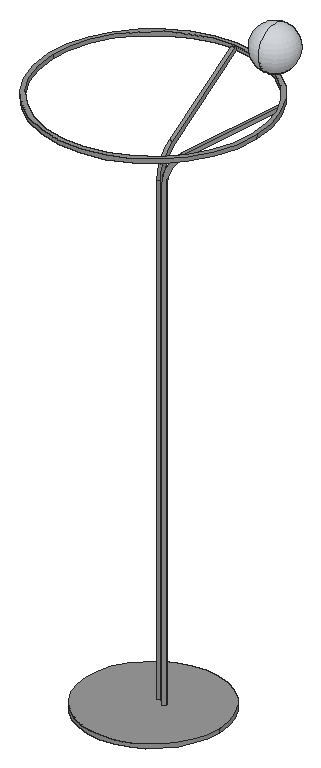
Revit family "Floor lamp_Na Linii", category Lighting Fixtures, Revit 2019
Family settings
  Round Connector Dimension = Use Diameter
  Part Type = Normal
  Work Plane-Based = No
  Always vertical = Yes
  Cut with Voids When Loaded = No
  Light Source = No
  Shared = No
  Room Calculation Point = No
Parameters
  Material [instance] = Black matt
Reference planes
  plane 1 "Center (Front/Back)": y = 0
  plane 2: z = 0
  plane 3 "Center (Left/Right)": x = 0
Forms (mm)
  Sweep 1, solid, material "Black matt" <- "Material"
    path origin (0, 0, 1450) x (1, 0, 0) y (0, 1, 0)
      loop
        circle (0, 0) r 275
    profile origin (0, 275, 1450) x (0, -1, 0) y (0, 0, 1)
      loop
        line (0, 0) -> (0, -10) -> (10, -10) -> (10, 0) -> (0, 0)
  Extrusion 2, solid, material "Black matt" <- "Material"
    sketch origin (0, 0, 0) x (1, 0, 0) y (0, 1, 0)
      loop
        circle (0, 0) r 175
    from 0 to 10
  Sweep 3, solid, material "Black matt" <- "Material"
    path origin (0, 0, 0) x (0, 1, 0) y (0, 0, 1)
      loop
        line (271.922, 1444.495) -> (62.284, 1308.355)
        arc (62.284, 1308.355) -> (33.879, 1277.626) -> (23.579, 1237.068) r 85
        line (23.579, 1237.068) -> (23.579, 10)
    profile origin (0, 167.103, 1376.425) x (0, 0.544639, -0.838671) y (1, 0, 0)
      loop
        line (-5, 5) -> (-5, -5) -> (5, -5) -> (5, 5) -> (-5, 5)
  Sweep 4, solid, material "Black matt" <- "Material"
    path origin (0, 0, 0) x (0.866025, 0.5, 0) y (0, 0, 1)
      loop
        line (271.974, 1444.529) -> (62.284, 1308.355)
        arc (62.284, 1308.355) -> (33.879, 1277.626) -> (23.579, 1237.068) r 85
        line (23.579, 1237.068) -> (23.579, 10)
    profile origin (144.738, 83.565, 1376.442) x (0.471671, 0.27232, -0.838671) y (0.5, -0.866025, 0)
      loop
        line (-5, 5) -> (-5, -5) -> (5, -5) -> (5, 5) -> (-5, 5)
  Sweep 5, void
    path origin (0, 0, 1450) x (1, 0, 0) y (0, 1, 0)
      loop
        circle (0, 0) r 275
    profile origin (0, 275, 1450) x (0, -1, 0) y (0, 0, 1)
      loop
        line (0, 0) -> (0, -10) -> (10, -10) -> (10, 0) -> (0, 0)
  Revolve 6, solid
    sketch origin (134.857, 1057.479, -0.576) x (0, 1, 0) y (0, 0, 1)
      loop
        line (-823.762, 1561.637) -> (-823.762, 1461.637) -> (-792.14, 1461.637)
        arc (-792.14, 1461.637) -> (-771.322, 1523.22) -> (-823.762, 1561.637) r 55
      axis (-823.762, 1461.637) -> (-823.762, 1561.637)
    angle from 0 to 360
  Revolve 7, solid
    sketch origin (134.857, 1057.479, 9.424) x (0, 1, 0) y (0, 0, 1)
      loop
        line (-823.762, 1451.637) -> (-823.762, 1440.637)
        arc (-823.762, 1440.637) -> (-813.206, 1441.641) -> (-803.028, 1444.617) r 56
        line (-803.028, 1444.617) -> (-803.028, 1445.617) -> (-800.677, 1445.617)
        arc (-800.677, 1445.617) -> (-795.393, 1448.354) -> (-790.431, 1451.637) r 56
        line (-790.431, 1451.637) -> (-823.762, 1451.637)
      axis (-823.762, 1440.637) -> (-823.762, 1451.637)
    angle from 0 to 360
Cuts and joins
  joined: Sweep 1, Sweep 3
  Sweep 5 cuts Sweep 4
Dimensions and locks
  aligned and locked: level to plane 2
